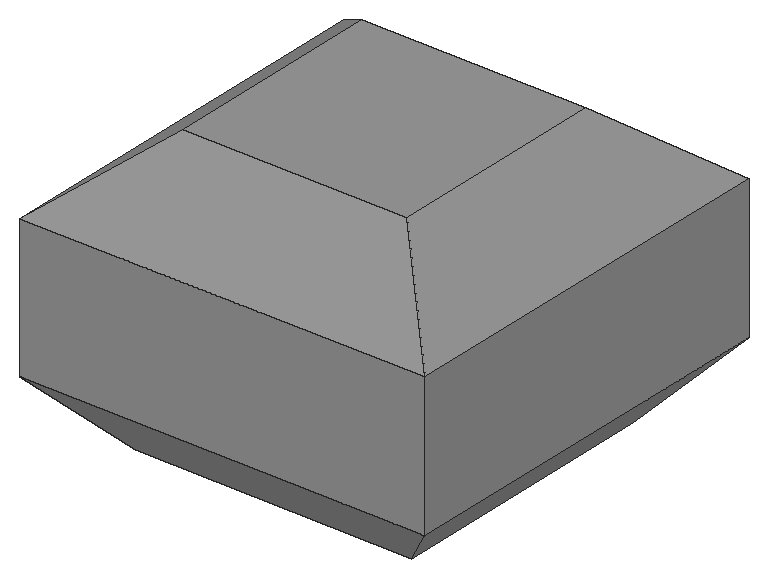
Revit family "ВЕЗА_ДЕФЛЕКТОР", category Арматура воздуховодов, Revit 2018
Family settings
  Размер круглого соединителя = Использовать диаметр
  Тип детали = Вставляется
  На основе рабочей плоскости = Нет
  Всегда вертикально = Да
  При загрузке вырезать с полостями = Нет
  Общий = Да
Parameters (values of type "ВЕЗА_ДЕФЛЕКТОР")
  Угол поворота УГО [instance] = 0.00°
  Типоразмеры ОСА_ПЕТ- ОСА_ПЕК- ОСА [instance] = size_lookup(Таблица_наименование, "Типоразмеры ОСА_ПЕТ- ОСА_ПЕК- ОСА", "0", ВЕЗА_Типоразмер)  # "40"
  Типоразмер СТАМ [instance] = ВЕЗА_Типоразмер  # 56
  Таблица_обозначение = "ДЕФЛЕКТОР-СТАМ_обозначение"  # constant formula
  Таблица_наименование = "ДЕФЛЕКТОР-СТАМ"  # constant formula
  Материал = ВЕЗА_Сталь
  Масштаб УГО [instance] = 100
  Корпус_Ширина основания = size_lookup(Таблица_наименование, "Корпус_Ширина основания", 0 mm, ВЕЗА_Типоразмер)  # 820 mm
  Корпус_Высота2 [instance] = ADSK_Размер_Высота / 2  # 355 mm
  ВЕЗА_Типоразмер = 56
  ВЕЗА_Контакты = "bim@veza.ru"  # constant formula
  ВЕЗА_Классификатор = "47003"  # constant formula
  Корпус_Ширина [instance] = ADSK_Размер_Глубина + 450 mm  # 1010 mm
  Manufacturer = ""
  URL = "http://www.veza.ru/docs/ventilyatory-kryshnye-krov-kros/"
  ADSK_Расход воздуха [instance] = 140.0 L/s
  ADSK_Размер_Ширина [instance] = size_lookup(Таблица_наименование, "ADSK_Размер_Ширина", 0 mm, ВЕЗА_Типоразмер)  # 560 mm
  ADSK_Размер_Глубина [instance] = ADSK_Размер_Ширина  # 560 mm
  ADSK_Размер_Высота [instance] = 710 mm  # constant formula
  ADSK_Обозначение = ""
  ADSK_Наименование краткое = "ДЕФЛЕКТОР"  # constant formula
  ADSK_Наименование = size_lookup(Таблица_наименование, "ADSK_Наименование", "Неопределенно", ВЕЗА_Типоразмер)  # "ДЕФЛЕКТОР - типоразмера 56 для установки на СТАМ типоразмера 56 или ОСА, ПЕТ-ОСА, ПЕК-ОСА типоразмера 40"
  ADSK_Материал наименование = "Нержавеющая сталь"
  ADSK_Масса [instance] = size_lookup(Таблица_наименование, "ADSK_Масса", 0, ВЕЗА_Типоразмер)  # 45
  ADSK_Марка [instance] = size_lookup(Таблица_обозначение, "", "Неопределенно", ВЕЗА_Типоразмер, ADSK_Материал наименование)  # "ДЕФЛЕКТОР-56-Н"
  ADSK_Комплект [instance] = ""
  ADSK_Количество = 1
  ADSK_Код изделия = ""
  ADSK_Завод-изготовитель = "ООО ''ВЕЗА''"  # constant formula
  ADSK_Единица измерения = "шт."  # constant formula
  ADSK_Дата изменения = "28.08.2020"  # constant formula
  ADSK_Группирование [instance] = ""
  ADSK_Владелец вида = "Версия 1"  # constant formula
  ADSK_Версия семейства = "2.0"  # constant formula
  ADSK_Версия Revit = "Revit2018"  # constant formula
  A = size_lookup(Таблица_наименование, "A", 0 mm, ВЕЗА_Типоразмер)  # 690 mm
Reference planes
  plane 1 "По центру (Вперед/Назад)": y = 0
  plane 2: z = 0
  plane 3 "По центру (Влево/Вправо)": x = 0
  plane 4: y = 280
  plane 5: y = -280
  plane 6: x = -280
  plane 7: x = 280
  plane 8: x = -505
  plane 9: x = 505
  plane 10: y = 505
  plane 11: y = -505
  plane 12: z = 710
  plane 13: z = 532.5
  plane 14: z = 177.5
  plane 15: z = 355
  plane 16: x = -345
  plane 17: x = 345
  plane 18: y = -345
  plane 19: y = 345
Forms (mm)
  Extrusion 1, solid, material "ВЕЗА_Сталь" <- "Материал", detail levels medium+fine
    sketch origin (0, 0, 0) x (1, 0, 0) y (0, 1, 0)
      loop
        line (-505, 505) -> (-505, -505) -> (505, -505) -> (505, 505) -> (-505, 505)
    from 177.5 to 532.5
  Blend 2, solid, material "ВЕЗА_Сталь" <- "Материал", detail levels medium+fine
    base sketch origin (0, 0, 0) x (1, 0, 0) y (0, 1, 0)
      loop
        line (-505, 505) -> (-505, -505) -> (505, -505) -> (505, 505) -> (-505, 505)
    top sketch origin (0, 0, 0) x (1, 0, 0) y (0, 1, 0)
      loop
        line (-280, 280) -> (-280, -280) -> (280, -280) -> (280, 280) -> (-280, 280)
    from 532.5 to 710
  Blend 3, solid, material "ВЕЗА_Сталь" <- "Материал", detail levels medium+fine
    base sketch origin (0, 0, 0) x (1, 0, 0) y (0, 1, 0)
      loop
        line (-345, 345) -> (-345, -345) -> (345, -345) -> (345, 345) -> (-345, 345)
    top sketch origin (0, 0, 0) x (1, 0, 0) y (0, 1, 0)
      loop
        line (-505, -505) -> (505, -505) -> (505, 505) -> (-505, 505) -> (-505, -505)
    from 0 to 177.5
Cuts and joins
  joined: Extrusion 1, Blend 2, Blend 3
Lines and regions (mm)
  reference lines
    curve 1: line (0, 0, 0) -> (1500, 0, 0)
Dimensions and locks
  equal spacing: plane 6, plane 3 "По центру (Влево/Вправо)", plane 7
  "ADSK_Размер_Ширина": plane 6 to plane 7
  equal spacing: plane 4, plane 1 "По центру (Вперед/Назад)", plane 5
  "ADSK_Размер_Глубина": plane 4 to plane 5
  equal spacing: plane 8, plane 3 "По центру (Влево/Вправо)", plane 9
  "Корпус_Ширина": plane 8 to plane 9
  equal spacing: plane 10, plane 1 "По центру (Вперед/Назад)", plane 11
  "Корпус_Ширина": plane 10 to plane 11
  "ADSK_Размер_Высота": plane 12 to plane 2
  equal spacing: plane 12, plane 15, plane 2
  equal spacing: plane 13, plane 15, plane 14
  "Корпус_Высота2": plane 13 to plane 14
  equal spacing: plane 16, plane 3 "По центру (Влево/Вправо)", plane 17
  "A": plane 16 to plane 17
  equal spacing: plane 19, plane 1 "По центру (Вперед/Назад)", plane 18
  "A": plane 19 to plane 18
  "Угол поворота УГО": angle plane 1 "По центру (Вперед/Назад)" to curve 1
  aligned and locked: level to plane 2
  aligned and locked: Extrusion 1 to plane 8  (x2)
  aligned and locked: plane 9 to Extrusion 1  (x2)
  aligned and locked: plane 10 to Extrusion 1  (x2)
  aligned and locked: Extrusion 1 to plane 11  (x2)
  aligned and locked: plane 13 to Extrusion 1
  aligned and locked: Extrusion 1 to plane 14
  aligned and locked: Extrusion 1 to plane 13
  aligned and locked: plane 14 to Extrusion 1
  aligned and locked: Blend 2 to plane 5
  aligned and locked: plane 7 to Blend 2
  aligned and locked: plane 4 to Blend 2
  aligned and locked: Blend 2 to plane 6
  aligned and locked: plane 12 to Blend 2
  aligned and locked: Blend 2 to plane 13
  aligned and locked: Blend 3 sketch curve to plane 10
  aligned and locked: Blend 3 sketch curve to plane 9
  aligned and locked: plane 11 to Blend 3 sketch curve
  aligned and locked: plane 8 to Blend 3 sketch curve
  aligned and locked: plane 14 to Blend 3
  aligned and locked: plane 19 to Blend 3 sketch curve
  aligned and locked: plane 17 to Blend 3 sketch curve
  aligned and locked: Blend 3 sketch curve to plane 18
  aligned and locked: Blend 3 sketch curve to plane 16
  aligned and locked: nested 1 to plane 3 "По центру (Влево/Вправо)"
  aligned and locked: nested 1 to plane 15
  aligned and locked: plane 3 "По центру (Влево/Вправо)" to nested 2
  aligned and locked: plane 1 "По центру (Вперед/Назад)" to nested 2
  aligned and locked: plane 1 "По центру (Вперед/Назад)" to curve 1
  aligned and locked: plane 3 "По центру (Влево/Вправо)" to curve 1
  aligned and locked: plane 3 "По центру (Влево/Вправо)" to nested 1
  aligned and locked: nested 4 to plane 15
  aligned and locked: plane 1 "По центру (Вперед/Назад)" to nested 4
Automatic sketch dimensions
  Extrusion 1 sketch curve to plane 8 = 0 mm
  Extrusion 1 sketch curve to plane 9 = 0 mm
  Extrusion 1 sketch curve to plane 11 = 0 mm
  Extrusion 1 sketch curve to plane 10 = 0 mm
  Blend 2 sketch curve to plane 8 = 0 mm
  Blend 2 sketch curve to plane 9 = 0 mm
  Blend 2 sketch curve to plane 11 = 0 mm
  Blend 2 sketch curve to plane 10 = 0 mm
  Blend 2 sketch curve to plane 5 = 0 mm
  Blend 2 sketch curve to plane 6 = 0 mm
  Blend 2 sketch curve to plane 4 = 0 mm
  Blend 2 sketch curve to plane 7 = 0 mm
Nested families
  nested 1: "ВЕЗА_УГО_Дефлектор_2D" at (0, 0, 355) x (0, 0, -1) z (0, -1, 0), Ширина модели <- "ADSK_Размер_Ширина", Масштаб УГО <- "Масштаб УГО", Высота модели <- "ADSK_Размер_Высота", type "ВЕЗА_УГО_Дефлектор_2D", detail levels coarse
    with Ширина модели 560 mm, Масштаб УГО 100, Высота модели 710 mm, x 360 mm, d2 59.167 mm, d1 710 mm, H 710 mm, D 473.333 mm, B1 1010 mm, B 560 mm
  nested 2: "ВЕЗА_УГО_Дефлектор_2D_Горизонтальная" at (0, 0, 0), Ширина модели <- "ADSK_Размер_Ширина", Масштаб УГО <- "Масштаб УГО", D <- "ADSK_Размер_Ширина", type "ВЕЗА_УГО_Дефлектор_2D_Горизонтальная", detail levels coarse
    with Ширина модели 560 mm, Масштаб УГО 100, x 285 mm, d2 70 mm, d1 840 mm, D 560 mm, B1 1010 mm, B 560 mm
  nested 3: "ВЕЗА_УГО_Дефлектор_3D" at (0, 0, 355) x (0, 0, -1) z (0, -1, 0), Масштаб УГО <- "Масштаб УГО", Высота модели <- "ADSK_Размер_Высота", Ширина модели <- "ADSK_Размер_Ширина", type "Дефлектор", detail levels coarse
    with Ширина модели 560 mm, Масштаб УГО 100, Диаметр 473.333 mm, Высота модели 710 mm, x 360 mm, d3 710 mm, d2 59.167 mm, d1 475.333 mm, H 710 mm, B1 1010 mm, B 560 mm
  nested 4: "ВЕЗА_УГО_Дефлектор_2D" at (0, 0, 355) x (0, 0, -1) z (1, 0, 0), Масштаб УГО <- "Масштаб УГО", Высота модели <- "ADSK_Размер_Высота", Ширина модели <- "ADSK_Размер_Ширина", type "ВЕЗА_УГО_Дефлектор_2D", detail levels coarse
    with Ширина модели 560 mm, Масштаб УГО 100, Высота модели 710 mm, x 360 mm, d2 59.167 mm, d1 710 mm, H 710 mm, D 473.333 mm, B1 1010 mm, B 560 mm
Connectors
  hvac at (0, 0, 0), driven by "ADSK_Размер_Ширина", driven by "ADSK_Размер_Глубина", driven by "ADSK_Расход воздуха"
    settings: on Blend 3, index 1, duct flow 140.0 L/s, flow factor 0, pres drop 0.0 Pa, loss coef 0, conn angle 0.00°, conn width 560 mm, conn height 560 mm, conn diameter 609.6 mm, duct sys type 29, conn prof type 1, flow config 0, flow direction 1, loss method 0, conn ref index -1, conn util no, is conn primary yes, conn desc ""
Definition of nested family "ВЕЗА_УГО_Дефлектор_3D"
  Parameters (values of type "Дефлектор")
    Ширина модели [instance] = 560 mm
    Default Elevation = 1219.2 mm
    Масштаб УГО [instance] = 100
    Диаметр [instance] = H / 6 * 4  # 473.333 mm
    Высота модели [instance] = 710 mm
    x [instance] = if(Масштаб УГО < 100, Высота модели / 2 + 5 mm, H / 2 + 5 mm)  # 360 mm
    d3 [instance] = Диаметр * 1.5  # 710 mm
    d2 [instance] = Диаметр / 8  # 59.167 mm
    d1 [instance] = Диаметр + 2 mm  # 475.333 mm
    H [instance] = Высота модели * Масштаб УГО / 100  # 710 mm
    B1 [instance] = (Ширина модели + 450 mm) * Масштаб УГО / 100  # 1010 mm
    B [instance] = Ширина модели * Масштаб УГО / 100  # 560 mm
  Reference planes
    plane 1 "По центру (Вперед/Назад)": y = 0
    plane 2: z = 0
    plane 3 "По центру (Влево/Вправо)": x = 0
    plane 4: x = -355
    plane 5: x = 355
    plane 6: y = 505
    plane 7: y = -505
    plane 8: x = 360
    plane 9: x = -360
    plane 10: y = 280
    plane 11: y = -280
    plane 12: x = -177.5
    plane 13: x = 177.5
    plane 14: x = -176.5
    plane 15: x = 176.5
    plane 16: z = 0.501
    plane 17: z = -0.501
    plane 18: y = -504
    plane 19: y = 495
    plane 20: y = -495
  Forms (mm)
    Sweep 1, solid
      path origin (0, 0, 0) x (1, 0, 0) y (0, 1, 0)
        loop
          line (177.5, -505) -> (177.5, -495) -> (355, -283.59) -> (355, 283.59) -> (177.5, 495) -> (177.5, 505) -> (-355, 505) -> (-355, -505) -> (177.5, -505)
      profile origin (-88.75, -505, 0) x (0, -1, 0) y (0, 0, 1)
        loop
          line (-1, 0.501) -> (-1, -0.5) -> (0, -0.5) -> (0, 0.501) -> (-1, 0.501)
    Extrusion 2, solid
      sketch origin (0, 0, 0) x (1, 0, 0) y (0, 1, 0)
        loop
          line (176.5, 505) -> (176.5, -505) -> (177.5, -505) -> (177.5, 505) -> (176.5, 505)
      from -0.5 to 0.5
  Lines and regions (mm)
    model lines
      curve 1: line (355, 0, 0) -> (360, 0, 0)
  Dimensions and locks
    "H": plane 4 to plane 5
    "B1": plane 7 to plane 6
    "x": plane 3 "По центру (Влево/Вправо)" to plane 8
    "x": plane 9 to plane 3 "По центру (Влево/Вправо)"
    equal spacing: plane 10, plane 1 "По центру (Вперед/Назад)", plane 11
    "B": plane 10 to plane 11
    equal spacing: plane 6, plane 1 "По центру (Вперед/Назад)", plane 7
    equal spacing: plane 4, plane 12, plane 3 "По центру (Влево/Вправо)", plane 13, plane 5
    plane 12 to plane 14 = 1 mm
    plane 15 to plane 13 = 1 mm
    plane 16 to plane 17 = 1.003 mm
    equal spacing: plane 16, profile plane, plane 17
    locked: plane 18 to plane 7 at 1
    plane 6 to plane 19 = 10 mm
    plane 7 to plane 20 = 10 mm
    aligned and locked: level to plane 2
    aligned and locked: plane 8 to curve 1
    aligned and locked: plane 5 to curve 1
    aligned and locked: plane 1 "По центру (Вперед/Назад)" to curve 1
    aligned and locked: Extrusion 2 sketch curve to plane 15
    aligned and locked: plane 13 to Extrusion 2 sketch curve
    aligned and locked: Sweep 1 sketch curve to plane 16
    aligned and locked: plane 18 to Sweep 1 sketch curve
    aligned and locked: Sweep 1 sketch curve to Extrusion 2
    aligned and locked: Sweep 1 sketch curve to plane 6
    aligned and locked: plane 7 to Sweep 1 sketch curve
    aligned and locked: Sweep 1 sketch curve to plane 5
  Automatic sketch dimensions
    Extrusion 2 sketch curve to plane 6 = 0 mm
    plane 7 to Extrusion 2 sketch curve = 0 mm
    Sweep 1 sketch curve to profile plane = 0 mm
    Sweep 1 sketch curve to plane 4 = 0 mm
    Sweep 1 sketch curve to plane 13 = 0 mm  (x2)
    Sweep 1 sketch curve to plane 20 = 0 mm
    Sweep 1 sketch curve to plane 19 = 0 mm
    Sweep 1 sketch curve to plane 11 = 3.59 mm
    plane 10 to Sweep 1 sketch curve = 3.59 mm
Definition of nested family "ВЕЗА_УГО_Дефлектор_2D"
  Parameters (values of type "ВЕЗА_УГО_Дефлектор_2D")
    Ширина модели [instance] = 300 mm
    Масштаб УГО [instance] = 100
    Высота модели [instance] = 500 mm
    x [instance] = if(Масштаб УГО < 100, Высота модели / 2 + 5 mm, H / 2 + 5 mm)  # 255 mm
    d2 [instance] = D / 8  # 41.667 mm
    d1 [instance] = D * 1.5  # 500 mm
    H [instance] = Высота модели * Масштаб УГО / 100  # 500 mm
    D [instance] = H / 6 * 4  # 333.333 mm
    B1 [instance] = (Ширина модели + 450 mm) * Масштаб УГО / 100  # 750 mm
    B [instance] = Ширина модели * Масштаб УГО / 100  # 300 mm
  Reference planes
    plane 1 "По центру (Вперед/Назад)": y = 0
    plane 2: z = 0
    plane 3 "По центру (Влево/Вправо)": x = 0
    plane 4: x = 255
    plane 5: x = -255
    plane 6: x = -250
    plane 7: x = 250
    plane 8: y = 375
    plane 9: y = -375
    plane 10: x = -125
    plane 11: x = 125
    plane 12: y = 150
    plane 13: y = -150
    plane 14: y = 365, in view "Опорный уровень"
    plane 15: y = -365, in view "Опорный уровень"
  Lines and regions (mm)
    Masking region 1, in view "Опорный уровень", detail levels coarse
      outline origin (0, 0, 0) x (1, 0, 0) y (0, 1, 0)
        loop
          line (-250, 375) -> (-250, -375) -> (125, -375) -> (125, -365) -> (250, -150) -> (250, 150) -> (125, 365) -> (125, 375) -> (-250, 375)
    detail lines, in view "Опорный уровень", detail levels coarse
      curve 1: line (250, 0, 0) -> (255, 0, 0)
    detail lines, in view "Опорный уровень"
      curve 2: line (125, 375, 0) -> (125, -375, 0)
  Dimensions and locks
    "H": plane 6 to plane 7
    equal spacing: plane 8, plane 1 "По центру (Вперед/Назад)", plane 9
    "B1": plane 8 to plane 9
    "x": plane 3 "По центру (Влево/Вправо)" to plane 4
    "x": plane 5 to plane 3 "По центру (Влево/Вправо)"
    equal spacing: plane 6, plane 10, plane 3 "По центру (Влево/Вправо)", plane 11, plane 7
    equal spacing: plane 12, plane 1 "По центру (Вперед/Назад)", plane 13
    "B": plane 12 to plane 13
    locked: plane 8 to plane 14 at 10
    locked: plane 15 to plane 9 at 10
    aligned and locked: plane 4 to curve 1
    aligned and locked: plane 1 "По центру (Вперед/Назад)" to curve 1
    aligned and locked: plane 7 to curve 1
    aligned and locked: Masking region 1 sketch curve to plane 8
    aligned and locked: Masking region 1 sketch curve to plane 6
    aligned and locked: Masking region 1 sketch curve to plane 7
    aligned and locked: curve 2 to plane 11
    aligned and locked: curve 2 to Masking region 1 sketch curve
    aligned and locked: plane 15 to Masking region 1 sketch curve
    aligned and locked: Masking region 1 sketch curve to plane 11
    aligned and locked: plane 11 to Masking region 1 sketch curve
  Automatic sketch dimensions
    plane 9 to curve 2 = 0 mm
    plane 8 to curve 2 = 0 mm
    plane 9 to Masking region 1 sketch curve = 0 mm
    plane 13 to Masking region 1 sketch curve = 0 mm
    plane 12 to Masking region 1 sketch curve = 0 mm
    Masking region 1 sketch curve to plane 14 = 0 mm
Definition of nested family "ВЕЗА_УГО_Дефлектор_2D_Горизонтальная"
  Parameters (values of type "ВЕЗА_УГО_Дефлектор_2D_Горизонтальная")
    Ширина модели [instance] = 400 mm
    Масштаб УГО [instance] = 100
    x [instance] = 55 mm
    d2 [instance] = D / 8  # 8.333 mm
    d1 [instance] = D * 1.5  # 100 mm
    D [instance] = 66.667 mm
    B1 [instance] = (Ширина модели + 450 mm) * Масштаб УГО / 100  # 850 mm
    B [instance] = Ширина модели * Масштаб УГО / 100  # 400 mm
  Reference planes
    plane 1 "По центру (Вперед/Назад)": y = 0
    plane 2: z = 0
    plane 3 "По центру (Влево/Вправо)": x = 0
    plane 4: x = -200
    plane 5: x = 200
    plane 6: y = 200
    plane 7: y = -200
    plane 8: y = 425
    plane 9: y = -425
    plane 10: x = 425
    plane 11: x = -425
  Lines and regions (mm)
    model lines, in view "Опорный уровень"
      curve 1: circle (0, 0, 0) r 200 normal (0, 0, 1)
      curve 2: circle (0, 0, 0) r 425 normal (0, 0, 1)
  Dimensions and locks
    equal spacing: plane 4, plane 3 "По центру (Влево/Вправо)", plane 5
    "B": plane 4 to plane 5
    equal spacing: plane 6, plane 1 "По центру (Вперед/Назад)", plane 7
    "B": plane 6 to plane 7
    equal spacing: plane 8, plane 1 "По центру (Вперед/Назад)", plane 9
    "B1": plane 8 to plane 9
    equal spacing: plane 11, plane 3 "По центру (Влево/Вправо)", plane 10
    "B1": plane 11 to plane 10
    "B": diameter of curve 1
    "B1": diameter of curve 2
  Automatic sketch dimensions
    curve 1 to curve 2 = 0 mm  (x2)
    plane 1 "По центру (Вперед/Назад)" to curve 2 = 0 mm
    curve 2 to plane 3 "По центру (Влево/Вправо)" = 0 mm
Types in the file's own list only (24): name | Корпус_Ширина основания | ВЕЗА_Типоразмер | ADSK_Наименование | ADSK_Материал наименование | A
  ДЕФЛЕКТОР-35-Ц | 605 мм | 35 | "ДЕФЛЕКТОР - типоразмера 35 для установки на СТАМ типоразмера 35" | "Оцинкованная сталь" | 480 мм
  ДЕФЛЕКТОР-40-Ц | 660 мм | 40 | "ДЕФЛЕКТОР - типоразмера 40 для установки на СТАМ типоразмера 40" | "Оцинкованная сталь" | 530 мм
  ДЕФЛЕКТОР-45-Ц | 710 мм | 45 | "ДЕФЛЕКТОР - типоразмера 45 для установки на СТАМ типоразмера 45" | "Оцинкованная сталь" | 580 мм
  ДЕФЛЕКТОР-51-Ц | 760 мм | 51 | "ДЕФЛЕКТОР - типоразмера 51 для установки на СТАМ типоразмера 51" | "Оцинкованная сталь" | 630 мм
  ДЕФЛЕКТОР-56-Ц | 820 мм | 56 | "ДЕФЛЕКТОР - типоразмера 56 для установки на СТАМ типоразмера 56 или ОСА, ПЕТ-ОСА, ПЕК-ОСА типоразмера 40" | "Оцинкованная сталь" | 690 мм
  ДЕФЛЕКТОР-63-Ц | 880 мм | 63 | "ДЕФЛЕКТОР - типоразмера 63 для установки на СТАМ типоразмера 63 или ОСА, ПЕТ-ОСА, ПЕК-ОСА типоразмера 45" | "Оцинкованная сталь" | 755 мм
  ДЕФЛЕКТОР-71-Ц | 970 мм | 71 | "ДЕФЛЕКТОР - типоразмера 71  для установки на СТАМ типоразмера 71 или ОСА, ПЕТ-ОСА, ПЕК-ОСА типоразмера 50,56" | "Оцинкованная сталь" | 840 мм
  ДЕФЛЕКТОР-88-Ц | 1130 мм | 88 | "ДЕФЛЕКТОР - типоразмера 88  для установки на СТАМ типоразмера 88 или ОСА, ПЕТ-ОСА, ПЕК-ОСА типоразмера 66" | "Оцинкованная сталь" | 1005 мм
  ДЕФЛЕКТОР-90-Ц | 1200 мм | 90 | "ДЕФЛЕКТОР - типоразмера 90  для установки на СТАМ типоразмера 90 или ОСА, ПЕТ-ОСА, ПЕК-ОСА типоразмера 71" | "Оцинкованная сталь" | 1050 мм
  ДЕФЛЕКТОР-109-Ц | 1350 мм | 109 | "ДЕФЛЕКТОР - типоразмера 109  для установки на СТАМ типоразмера 109 или ОСА, ПЕТ-ОСА, ПЕК-ОСА типоразмера 80" | "Оцинкованная сталь" | 1220 мм
  ДЕФЛЕКТОР-112-Ц | 1580 мм | 112 | "ДЕФЛЕКТОР - типоразмера 112  для установки на СТАМ типоразмера 112 или ОСА, ПЕТ-ОСА, ПЕК-ОСА типоразмера 90" | "Оцинкованная сталь" | 1350 мм
  ДЕФЛЕКТОР-136-Ц | 1640 мм | 136 | "ДЕФЛЕКТОР - типоразмера 136  для установки на СТАМ типоразмера 136 или ОСА, ПЕТ-ОСА, ПЕК-ОСА типоразмера 100,112,125" | "Оцинкованная сталь" | 1505 мм
  ДЕФЛЕКТОР-35-Н | 605 мм | 35 | "ДЕФЛЕКТОР - типоразмера 35 для установки на СТАМ типоразмера 35" | "Нержавеющая сталь" | 480 мм
  ДЕФЛЕКТОР-40-Н | 660 мм | 40 | "ДЕФЛЕКТОР - типоразмера 40 для установки на СТАМ типоразмера 40" | "Нержавеющая сталь" | 530 мм
  ДЕФЛЕКТОР-45-Н | 710 мм | 45 | "ДЕФЛЕКТОР - типоразмера 45 для установки на СТАМ типоразмера 45" | "Нержавеющая сталь" | 580 мм
  ДЕФЛЕКТОР-51-Н | 760 мм | 51 | "ДЕФЛЕКТОР - типоразмера 51 для установки на СТАМ типоразмера 51" | "Нержавеющая сталь" | 630 мм
  ДЕФЛЕКТОР-56-Н | 820 мм | 56 | "ДЕФЛЕКТОР - типоразмера 56 для установки на СТАМ типоразмера 56 или ОСА, ПЕТ-ОСА, ПЕК-ОСА типоразмера 40" | "Нержавеющая сталь" | 690 мм
  ДЕФЛЕКТОР-63-Н | 880 мм | 63 | "ДЕФЛЕКТОР - типоразмера 63 для установки на СТАМ типоразмера 63 или ОСА, ПЕТ-ОСА, ПЕК-ОСА типоразмера 45" | "Нержавеющая сталь" | 755 мм
  ДЕФЛЕКТОР-71-Н | 970 мм | 71 | "ДЕФЛЕКТОР - типоразмера 71  для установки на СТАМ типоразмера 71 или ОСА, ПЕТ-ОСА, ПЕК-ОСА типоразмера 50,56" | "Нержавеющая сталь" | 840 мм
  ДЕФЛЕКТОР-88-Н | 1130 мм | 88 | "ДЕФЛЕКТОР - типоразмера 88  для установки на СТАМ типоразмера 88 или ОСА, ПЕТ-ОСА, ПЕК-ОСА типоразмера 66" | "Нержавеющая сталь" | 1005 мм
  ДЕФЛЕКТОР-90-Н | 1200 мм | 90 | "ДЕФЛЕКТОР - типоразмера 90  для установки на СТАМ типоразмера 90 или ОСА, ПЕТ-ОСА, ПЕК-ОСА типоразмера 71" | "Нержавеющая сталь" | 1050 мм
  ДЕФЛЕКТОР-109-Н | 1350 мм | 109 | "ДЕФЛЕКТОР - типоразмера 109  для установки на СТАМ типоразмера 109 или ОСА, ПЕТ-ОСА, ПЕК-ОСА типоразмера 80" | "Нержавеющая сталь" | 1220 мм
  ДЕФЛЕКТОР-112-Н | 1580 мм | 112 | "ДЕФЛЕКТОР - типоразмера 112  для установки на СТАМ типоразмера 112 или ОСА, ПЕТ-ОСА, ПЕК-ОСА типоразмера 90" | "Нержавеющая сталь" | 1350 мм
  ДЕФЛЕКТОР-136-Н | 1640 мм | 136 | "ДЕФЛЕКТОР - типоразмера 136  для установки на СТАМ типоразмера 136 или ОСА, ПЕТ-ОСА, ПЕК-ОСА типоразмера 100,112,125" | "Нержавеющая сталь" | 1505 мм
